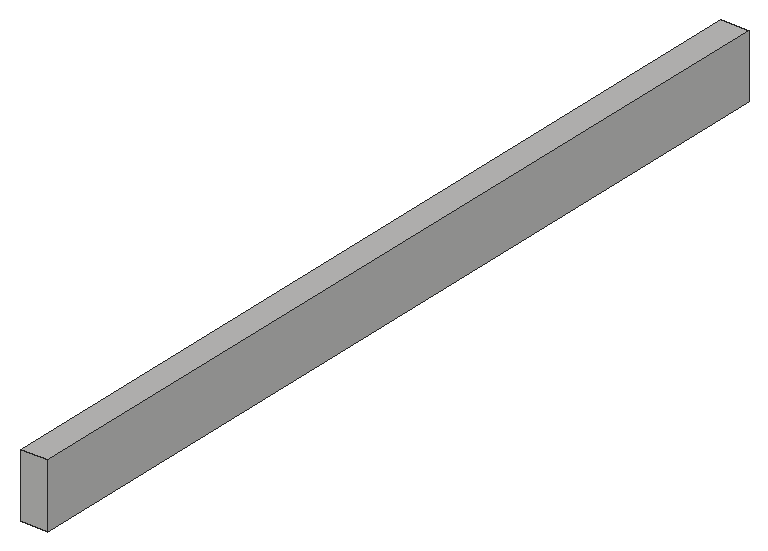
Revit family "R Wood Stud 2x4in", category Generic Models, Revit 2016
Family settings
  Part Type = Normal
  Can host rebar = No
  Round Connector Dimension = Use Diameter
  Work Plane-Based = No
  Always vertical = Yes
  Cut with Voids When Loaded = No
  Shared = No
  Room Calculation Point = No
Parameters (values of type ".625 in Wide Sheating R")
  Width = 0' - 1 1/2"
  Height = 0' - 3 1/2"
  5/8" Gyp = 5/8" GYP. BD
  4' Width = 4' - 0"
Types (2): name | Width | Height | 5/8" Gyp
  .625 in Wide Sheating R | 0' - 1 1/2" | 0' - 3 1/2" | 5/8" GYP. BD
  .625 in Wide Sheating R 2 | 0' - 0 5/8" | 3' - 0" | none
Reference planes (in)
  plane 1 "Center (Front/Back)": y = 0
  plane 2: z = 0
  plane 3 "Center (Left/Right)": x = 0
Forms (in)
  Sweep 1, solid, material "5/8" GYP. BD" <- "5/8" Gyp"
    path origin (0, 0, 0) x (1, 0, 0) y (0, 1, 0)
      loop
        line (0, -24) -> (0, 24)
    profile origin (0, 0, 0) x (-1, 0, 0) y (0, 0, 1)
      loop
        line (0, 0) -> (1.5, 0) -> (1.5, 3.5) -> (0, 3.5) -> (0, 0)
Dimensions and locks (in)
  "4' Width": Sweep 1 sketch curve to Sweep 1 sketch curve
  "Width": Sweep 1 sketch curve to Sweep 1 sketch curve
  "Height": Sweep 1 sketch curve to Sweep 1 sketch curve
  aligned and locked: plane 2 to level
Automatic sketch dimensions
  Sweep 1 sketch curve to plane 3 "Center (Left/Right)" = 0' - 0"
  plane 1 "Center (Front/Back)" to Sweep 1 sketch curve = 2' - 0"
  Sweep 1 sketch curve to profile plane = 0' - 0"
  Sweep 1 sketch curve to level = 0' - 0"
